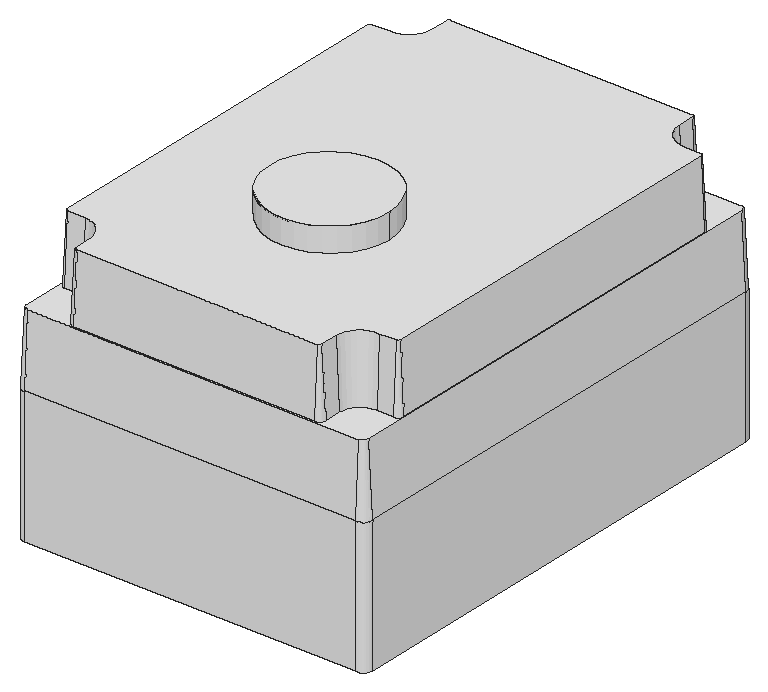
Revit family "Loading-Equipment_Dock-levellers_Wayne-Dalton_Control-Panel_", category Specialty Equipment, host Face, Revit 2020
Family settings
  Host = Face
  Round Connector Dimension = Use Diameter
  Part Type = Normal
  OmniClass Number = 23.50.70.00
  OmniClass Title = Loading Dock Equipment
  Cut with Voids When Loaded = No
  Shared = No
  Room Calculation Point = No
Parameters (values of type "Control Panel")
  Width = 5.122"  # constant formula
  URL = "https://www.wayne-dalton.com/"
  Description = "Control Panel for Hydraulic Pit Leveler"
  Length = 7.091"  # constant formula
  Product data url = "https://www.bimobject.com/wayne-dalton/product/hydraulic-pit-leveler"
  Product Page URL = ""
  Model = "Control Panel"
  Manufacturer = "Wayne Dalton"  # constant formula
  Main Material = Metal - White
  Depth = 4.355"  # constant formula
  Default Elevation = 48.000"
Reference planes (in)
  plane 1 "Center (Front/Back)": y = 0
  plane 2: z = 0
  plane 3 "Center (Left/Right)": x = 0
  plane 4: x = -2.561
  plane 5: x = 2.561
  plane 6: y = 3.5455
  plane 7: y = -3.5455
  plane 8: z = 4.355
Forms (in)
  Extrusion 1, solid, material "Metal - White" <- "Main Material"
    sketch origin (0, 0, 0) x (1, 0, 0) y (0, 1, 0)
      loop
        line (-2.561, 3.4075) -> (-2.561, -3.4075)
        arc (-2.561, -3.4075) -> (-2.52058, -3.50508) -> (-2.423, -3.5455) r 0.138
        line (-2.423, -3.5455) -> (2.423, -3.5455)
        arc (2.423, -3.5455) -> (2.52058, -3.50508) -> (2.561, -3.4075) r 0.138
        line (2.561, -3.4075) -> (2.561, 3.4075)
        arc (2.561, 3.4075) -> (2.52058, 3.50508) -> (2.423, 3.5455) r 0.138
        line (2.423, 3.5455) -> (-2.423, 3.5455)
        arc (-2.423, 3.5455) -> (-2.52058, 3.50508) -> (-2.561, 3.4075) r 0.138
    from 1.969 to 0
  Blend 2, solid, material "Metal - White" <- "Main Material"
    base sketch origin (0, 0, 0) x (1, 0, 0) y (0, 1, 0)
      loop
        line (-2.561, 3.4075) -> (-2.561, -3.4075)
        arc (-2.561, -3.4075) -> (-2.52058, -3.50508) -> (-2.423, -3.5455) r 0.138
        line (-2.423, -3.5455) -> (2.423, -3.5455)
        arc (2.423, -3.5455) -> (2.52058, -3.50508) -> (2.561, -3.4075) r 0.138
        line (2.561, -3.4075) -> (2.561, 3.4075)
        arc (2.561, 3.4075) -> (2.52058, 3.50508) -> (2.423, 3.5455) r 0.138
        line (2.423, 3.5455) -> (-2.423, 3.5455)
        arc (-2.423, 3.5455) -> (-2.52058, 3.50508) -> (-2.561, 3.4075) r 0.138
    top sketch origin (0, 0, 0) x (1, 0, 0) y (0, 1, 0)
      loop
        arc (-2.506, -3.4075) -> (-2.48169, -3.46619) -> (-2.423, -3.4905) r 0.083
        line (-2.423, -3.4905) -> (2.423, -3.4905)
        arc (2.423, -3.4905) -> (2.48169, -3.46619) -> (2.506, -3.4075) r 0.083
        line (2.506, -3.4075) -> (2.506, 3.4075)
        arc (2.506, 3.4075) -> (2.48169, 3.46619) -> (2.423, 3.4905) r 0.083
        line (2.423, 3.4905) -> (-2.423, 3.4905)
        arc (-2.423, 3.4905) -> (-2.48169, 3.46619) -> (-2.506, 3.4075) r 0.083
        line (-2.506, 3.4075) -> (-2.506, -3.4075)
    from 1.969 to 3.016
  Blend 3, solid, material "Metal - White" <- "Main Material"
    base sketch origin (0, 0, 0) x (1, 0, 0) y (0, 1, 0)
      loop
        line (-2.486, 2.7505) -> (-2.486, -2.7505)
        arc (-2.486, -2.7505) -> (-2.46198, -2.80848) -> (-2.404, -2.8325) r 0.082
        line (-2.404, -2.8325) -> (-2.155, -2.8325)
        arc (-2.155, -2.8325) -> (-1.93792, -2.92242) -> (-1.848, -3.1395) r 0.307
        line (-1.848, -3.1395) -> (-1.848, -3.3885)
        arc (-1.848, -3.3885) -> (-1.82398, -3.44648) -> (-1.766, -3.4705) r 0.082
        line (-1.766, -3.4705) -> (1.766, -3.4705)
        arc (1.766, -3.4705) -> (1.82398, -3.44648) -> (1.848, -3.3885) r 0.082
        line (1.848, -3.3885) -> (1.848, -3.1395)
        arc (1.848, -3.1395) -> (1.93792, -2.92242) -> (2.155, -2.8325) r 0.307
        line (2.155, -2.8325) -> (2.404, -2.8325)
        arc (2.404, -2.8325) -> (2.46198, -2.80848) -> (2.486, -2.7505) r 0.082
        line (2.486, -2.7505) -> (2.486, 2.7505)
        arc (2.486, 2.7505) -> (2.46198, 2.80848) -> (2.404, 2.8325) r 0.082
        line (2.404, 2.8325) -> (2.155, 2.8325)
        arc (2.155, 2.8325) -> (1.93792, 2.92242) -> (1.848, 3.1395) r 0.307
        line (1.848, 3.1395) -> (1.848, 3.3885)
        arc (1.848, 3.3885) -> (1.82398, 3.44648) -> (1.766, 3.4705) r 0.082
        line (1.766, 3.4705) -> (-1.766, 3.4705)
        arc (-1.766, 3.4705) -> (-1.82398, 3.44648) -> (-1.848, 3.3885) r 0.082
        line (-1.848, 3.3885) -> (-1.848, 3.1395)
        arc (-1.848, 3.1395) -> (-1.93792, 2.92242) -> (-2.155, 2.8325) r 0.307
        line (-2.155, 2.8325) -> (-2.404, 2.8325)
        arc (-2.404, 2.8325) -> (-2.46198, 2.80848) -> (-2.486, 2.7505) r 0.082
    top sketch origin (0, 0, 0) x (1, 0, 0) y (0, 1, 0)
      loop
        line (-2.439, 2.7505) -> (-2.439, -2.7505)
        arc (-2.439, -2.7505) -> (-2.42875, -2.77525) -> (-2.404, -2.7855) r 0.035
        line (-2.404, -2.7855) -> (-2.155, -2.7855)
        arc (-2.155, -2.7855) -> (-1.90468, -2.88918) -> (-1.801, -3.1395) r 0.354
        line (-1.801, -3.1395) -> (-1.801, -3.3885)
        arc (-1.801, -3.3885) -> (-1.79075, -3.41325) -> (-1.766, -3.4235) r 0.035
        line (-1.766, -3.4235) -> (1.766, -3.4235)
        arc (1.766, -3.4235) -> (1.79075, -3.41325) -> (1.801, -3.3885) r 0.035
        line (1.801, -3.3885) -> (1.801, -3.1395)
        arc (1.801, -3.1395) -> (1.90468, -2.88918) -> (2.155, -2.7855) r 0.354
        line (2.155, -2.7855) -> (2.404, -2.7855)
        arc (2.404, -2.7855) -> (2.42875, -2.77525) -> (2.439, -2.7505) r 0.035
        line (2.439, -2.7505) -> (2.439, 2.7505)
        arc (2.439, 2.7505) -> (2.42875, 2.77525) -> (2.404, 2.7855) r 0.035
        line (2.404, 2.7855) -> (2.155, 2.7855)
        arc (2.155, 2.7855) -> (1.90468, 2.88918) -> (1.801, 3.1395) r 0.354
        line (1.801, 3.1395) -> (1.801, 3.3885)
        arc (1.801, 3.3885) -> (1.79075, 3.41325) -> (1.766, 3.4235) r 0.035
        line (1.766, 3.4235) -> (-1.766, 3.4235)
        arc (-1.766, 3.4235) -> (-1.79075, 3.41325) -> (-1.801, 3.3885) r 0.035
        line (-1.801, 3.3885) -> (-1.801, 3.1395)
        arc (-1.801, 3.1395) -> (-1.90468, 2.88918) -> (-2.155, 2.7855) r 0.354
        line (-2.155, 2.7855) -> (-2.404, 2.7855)
        arc (-2.404, 2.7855) -> (-2.42875, 2.77525) -> (-2.439, 2.7505) r 0.035
    from 3.016 to 4
  Extrusion 4, solid, material "Metal - White" <- "Main Material"
    sketch origin (0, 0, 0) x (1, 0, 0) y (0, 1, 0)
      loop
        circle (0, -1.0005) r 0.875
    from 4.355 to 4
Lines and regions (in)
  Masking region 1
    outline origin (0, 0, 0) x (1, 0, 0) y (0, 0, 1)
      loop
        line (-2.561, 0) -> (2.561, 0) -> (2.561, 1.969) -> (2.506, 3.016) -> (2.439, 4) -> (0.875, 4) -> (0.875, 4.355) -> (-0.875, 4.355) -> (-0.875, 4) -> (-2.439, 4) -> (-2.506, 3.016) -> (-2.561, 1.969) -> (-2.561, 0)
  model lines
    curve 1: circle (-0.925, 3.5455, 0.9845) r 0.64 normal (0, -1, 0)
    curve 2: circle (-0.925, 3.5455, 0.9845) r 0.404 normal (0, -1, 0)
    curve 3: circle (0.925, 3.5455, 0.9845) r 0.64 normal (0, 1, 0)
    curve 4: circle (0.925, 3.5455, 0.9845) r 0.404 normal (0, 1, 0)
    curve 5: circle (-0.925, -3.5455, 0.9845) r 0.64 normal (0, -1, 0)
    curve 6: circle (-0.925, -3.5455, 0.9845) r 0.404 normal (0, -1, 0)
    curve 7: circle (0.925, -3.5455, 0.9845) r 0.64 normal (0, 1, 0)
    curve 8: circle (0.925, -3.5455, 0.9845) r 0.404 normal (0, 1, 0)
    curve 18: circle (2.561, 0, 0.9845) r 0.502 normal (1, 0, 0)
    curve 19: circle (2.561, 0, 0.9845) r 0.325 normal (1, 0, 0)
    curve 20: circle (2.561, 1.614, 0.9845) r 0.502 normal (1, 0, 0)
    curve 21: circle (2.561, 1.614, 0.9845) r 0.325 normal (1, 0, 0)
    curve 22: circle (2.561, -1.614, 0.9845) r 0.502 normal (1, 0, 0)
    curve 23: circle (2.561, -1.614, 0.9845) r 0.325 normal (1, 0, 0)
    curve 24: circle (-2.561, 0, 0.9845) r 0.502 normal (1, 0, 0)
    curve 25: circle (-2.561, 0, 0.9845) r 0.325 normal (1, 0, 0)
    curve 26: circle (-2.561, 1.614, 0.9845) r 0.502 normal (1, 0, 0)
    curve 27: circle (-2.561, 1.614, 0.9845) r 0.325 normal (1, 0, 0)
    curve 28: circle (-2.561, -1.614, 0.9845) r 0.502 normal (1, 0, 0)
    curve 29: circle (-2.561, -1.614, 0.9845) r 0.325 normal (1, 0, 0)
  symbolic lines
    curve 9: line (-2.506, 0, 3.016) -> (2.506, 0, 3.016)
    curve 10: line (-1.801, 0, 4) -> (-1.848, 0, 3.016)
    curve 11: line (1.801, 0, 4) -> (1.848, 0, 3.016)
    curve 12: line (2.439, 0, 4) -> (-2.439, 0, 4)
    curve 13: line (-2.561, 0, 1.969) -> (2.561, 0, 1.969)
    curve 14: circle (-0.925, 0, 0.9845) r 0.64 normal (0, -1, 0)
    curve 15: circle (-0.925, 0, 0.9845) r 0.404 normal (0, -1, 0)
    curve 16: circle (0.925, 0, 0.9845) r 0.64 normal (0, 1, 0)
    curve 17: circle (0.925, 0, 0.9845) r 0.404 normal (0, 1, 0)
Dimensions and locks (in)
  equal spacing: plane 4, plane 3 "Center (Left/Right)", plane 5
  "Width": plane 4 to plane 5
  equal spacing: plane 6, plane 1 "Center (Front/Back)", plane 7
  "Length": plane 6 to plane 7
  "Depth": plane 8 to level
  locked: Extrusion 4 sketch curve to plane 7 at 2.545
  aligned and locked: plane 2 to host face
  aligned and locked: level to host face
  aligned and locked: Extrusion 1 sketch curve to plane 4
  aligned and locked: Extrusion 1 sketch curve to plane 6
  aligned and locked: Extrusion 1 sketch curve to plane 7
  aligned and locked: Extrusion 1 sketch curve to plane 5
  aligned and locked: Blend 2 sketch curve to plane 4
  aligned and locked: Blend 2 sketch curve to plane 6
  aligned and locked: Blend 2 sketch curve to plane 5
  aligned and locked: Blend 2 sketch curve to plane 7
  aligned and locked: plane 3 "Center (Left/Right)" to Extrusion 4 sketch curve
  aligned and locked: plane 8 to Extrusion 4
Automatic sketch dimensions
  host sketch curve to host sketch curve = 120.000"
  host sketch curve to host sketch curve = 116.000"
  plane 4 to Extrusion 1 sketch curve = 0.138"  (x2)
  Extrusion 1 sketch curve to plane 5 = 0.138"
  Extrusion 1 sketch curve to Extrusion 1 sketch curve = 0.138"
  Blend 2 sketch curve to Blend 2 sketch curve = 0.138"  (x3)
  Blend 2 sketch curve to plane 5 = 0.138"  (x2)
  plane 4 to Blend 2 sketch curve = 0.055"
  Blend 2 sketch curve to Blend 2 sketch curve = 0.083"  (x4)
  Blend 2 sketch curve to plane 6 = 0.138"
  plane 7 to Blend 2 sketch curve = 0.138"
  plane 4 to Blend 3 sketch curve = 0.075"
  Blend 3 sketch curve to Blend 3 sketch curve = 0.082"  (x4)
  Blend 3 sketch curve to Blend 3 sketch curve = 0.249"  (x7)
  Blend 3 sketch curve to plane 6 = 0.157"  (x2)
  Blend 3 sketch curve to Blend 3 sketch curve = 0.307"  (x3)
  plane 7 to Blend 3 sketch curve = 0.157"  (x2)
  Blend 3 sketch curve to plane 6 = 0.075"
  plane 7 to Blend 3 sketch curve = 0.075"
  Blend 3 sketch curve to plane 5 = 0.795"  (x4)
  Blend 3 sketch curve to plane 5 = 0.406"  (x2)
  Blend 3 sketch curve to plane 5 = 0.157"  (x4)
  Blend 3 sketch curve to plane 5 = 0.075"
  Blend 3 sketch curve to plane 6 = 0.795"  (x3)
  plane 4 to Blend 3 sketch curve = 0.122"
  Blend 3 sketch curve to Blend 3 sketch curve = 0.035"  (x7)
  plane 4 to Blend 3 sketch curve = 0.406"  (x2)
  Blend 3 sketch curve to Blend 3 sketch curve = 0.354"  (x3)
  curve 1 to curve 2 = 0.000"  (x2)
  curve 3 to curve 4 = 0.000"  (x2)
  curve 2 to Extrusion 1 = 1.498"
  Extrusion 1 to curve 4 = 1.498"
  Extrusion 1 to curve 2 = 0.9845"
  Extrusion 1 to curve 3 = 0.9845"
  curve 5 to curve 6 = 0.000"  (x2)
  curve 7 to curve 8 = 0.000"  (x2)
  Extrusion 1 to curve 6 = 1.498"
  curve 8 to Extrusion 1 = 1.498"
  Extrusion 1 to curve 6 = 0.9845"
  Extrusion 1 to curve 7 = 0.9845"
  curve 14 to curve 15 = 0.000"  (x2)
  curve 16 to curve 17 = 0.000"  (x2)
  curve 13 to plane 4 = 0.000"
  curve 13 to plane 5 = 0.000"
  curve 14 to plane 3 "Center (Left/Right)" = 0.925"
  plane 3 "Center (Left/Right)" to curve 16 = 0.925"
  level to curve 15 = 0.9845"
  level to curve 16 = 0.9845"
  plane 4 to curve 9 = 0.055"
  plane 4 to curve 12 = 0.122"
  curve 9 to curve 10 = 0.658"
  curve 10 to plane 8 = 0.355"
  curve 12 to curve 10 = 0.638"
  curve 11 to plane 5 = 0.760"
  curve 11 to plane 5 = 0.713"
  curve 12 to plane 5 = 0.122"
  curve 9 to plane 5 = 0.055"
  curve 14 to curve 13 = 0.9845"
  curve 9 to curve 12 = 0.984"
  Masking region 1 sketch curve to level = 0.000"
  Masking region 1 sketch curve to plane 4 = 0.000"
  Masking region 1 sketch curve to plane 8 = 0.000"
  Masking region 1 sketch curve to plane 5 = 0.000"
  plane 4 to Masking region 1 sketch curve = 0.055"
  plane 4 to Masking region 1 sketch curve = 0.122"
  Masking region 1 sketch curve to plane 8 = 0.355"  (x2)
  Masking region 1 sketch curve to plane 3 "Center (Left/Right)" = 0.875"
  plane 3 "Center (Left/Right)" to Masking region 1 sketch curve = 0.875"
  Masking region 1 sketch curve to plane 5 = 0.122"
  Masking region 1 sketch curve to plane 5 = 0.055"
  level to Masking region 1 sketch curve = 1.969"
  Masking region 1 sketch curve to Masking region 1 sketch curve = 1.969"
  Masking region 1 sketch curve to Masking region 1 sketch curve = 0.984"  (x2)
  curve 18 to curve 19 = 0.000"  (x3)
  curve 20 to curve 21 = 0.000"  (x3)
  curve 22 to curve 23 = 0.000"  (x3)
  curve 20 to curve 19 = 1.614"
  curve 18 to curve 22 = 1.614"
  Extrusion 1 to curve 18 = 0.9845"
  Extrusion 1 to curve 23 = 0.9845"
  Extrusion 1 to curve 21 = 0.9845"
  curve 20 to Extrusion 1 = 1.7935"
  curve 24 to curve 25 = 0.000"  (x2)
  curve 26 to curve 27 = 0.000"  (x2)
  curve 28 to curve 29 = 0.000"  (x2)
  Extrusion 1 to curve 26 = 0.9845"
  Extrusion 1 to curve 26 = 1.7935"
  Extrusion 1 to curve 25 = 0.9845"
  curve 26 to curve 25 = 1.614"
  Extrusion 1 to curve 29 = 0.9845"
  curve 24 to curve 29 = 1.614"
  radius of Extrusion 4 sketch curve = 0.875"
  radius of curve 1 = 0.640"
  radius of curve 2 = 0.404"
  radius of curve 3 = 0.640"
  radius of curve 4 = 0.404"
  radius of curve 5 = 0.640"
  radius of curve 6 = 0.404"
  radius of curve 7 = 0.640"
  radius of curve 8 = 0.404"
  radius of curve 14 = 0.640"
  radius of curve 15 = 0.404"
  radius of curve 16 = 0.640"
  radius of curve 17 = 0.404"
  radius of curve 18 = 0.502"
  radius of curve 19 = 0.325"
  radius of curve 20 = 0.502"
  radius of curve 21 = 0.325"
  radius of curve 22 = 0.502"
  radius of curve 23 = 0.325"
  radius of curve 24 = 0.502"
  radius of curve 25 = 0.325"
  radius of curve 26 = 0.502"
  radius of curve 27 = 0.325"
  radius of curve 28 = 0.502"
  radius of curve 29 = 0.325"
